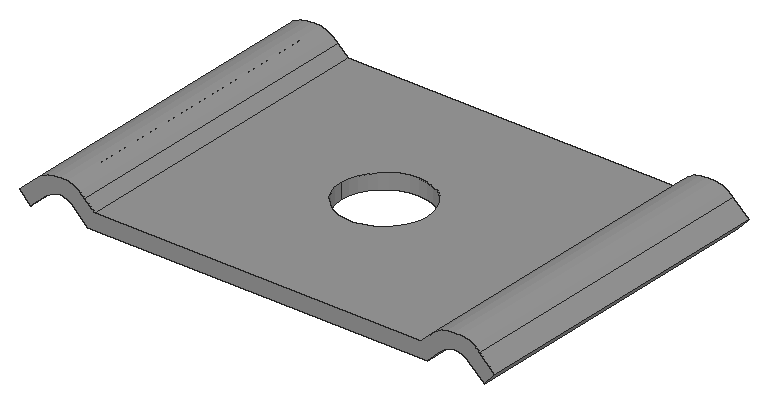
Revit family "Mittenabhängung GKS 50 07 FS, GKS 50 07 FS SP,GKS 50 11 FS, GKS 50 07 FT, GKS 50 11 FT", category Generic Models, Revit 2017
Family settings
  Can host rebar = No
  Round Connector Dimension = Use Diameter
  Part Type = Normal
  Work Plane-Based = No
  Always vertical = Yes
  Cut with Voids When Loaded = No
  Shared = No
  Room Calculation Point = No
Parameters (values of type "GKS 50 11 A4")
  Width/2 = Width / 2  # 30 mm
  Width 1 = 40 mm
  Width = 60 mm
  URL = "http://www.obo-bettermann.com"
  Type Image = <None>
  Material = Stainless steel, A4
  Manufacturer Art.No. = "6015280"
  Manufacturer = "OBO Bettermann"
  GTIN = "4012196937394"
  Diameter = 11 mm
  Article Type = "GKS 50 11 A4"
Types (7, lengths in mm): name | Material | Manufacturer Art.No. | GTIN | Diameter | Article Type
  (no name) | Stainless steel, A4 | "6015280" | "4012196937394" | 11 | "GKS 50 11 A4"
  GKS 50 07 FS | Strip-galvanised | "6015263" | "4012196421398" | 7 | "GKS 50 07 FS"
  GKS 50 07 FS SP | Strip-galvanised | "6015290" | "4012196661930" | 7 | "GKS 50 07 FS SP"
  GKS 50 11 FS | Strip-galvanised | "6015276" | "4012196965847" | 11 | "GKS 50 11 FS"
  GKS 50 07 FT | Hot-dip galvanised | "6015271" | "4012196785353" | 7 | "GKS 50 07 FT"
  GKS 50 11 FT | Hot-dip galvanised | "6015278" | "4012196965908" | 11 | "GKS 50 11 FT"
  GKS 50 11 A4 | Stainless steel, A4 | "6015280" | "4012196937394" | 11 | "GKS 50 11 A4"
Reference planes
  plane 1 "Center (Front/Back)": y = 0
  plane 2: z = 0
  plane 3 "Center (Left/Right)": x = 0
  plane 4: y = 40
  plane 5: y = 20
  plane 6: z = 4
Forms (mm)
  Extrusion 1, solid, material "Stainless steel, A4" <- "Material"
    sketch origin (0, 0, 0) x (1, 0, 0) y (0, 0, 1)
      loop
        line (-21.464, 4) -> (21.464, 4) -> (23.209, 5.745)
        arc (23.209, 5.745) -> (24.956, 6.486) -> (26.727, 5.807) r 2.532
        line (26.727, 5.807) -> (28.664, 4) -> (30.028, 5.463) -> (28.091, 7.269)
        arc (28.091, 7.269) -> (24.921, 8.486) -> (21.795, 7.159) r 4.532
        line (21.795, 7.159) -> (20.636, 6) -> (-20.636, 6) -> (-21.818, 7.182)
        arc (-21.818, 7.182) -> (-24.921, 8.499) -> (-28.069, 7.291) r 4.5
        line (-28.069, 7.291) -> (-30.03, 5.463) -> (-28.666, 4) -> (-26.705, 5.828)
        arc (-26.705, 5.828) -> (-24.956, 6.5) -> (-23.232, 5.768) r 2.5
        line (-23.232, 5.768) -> (-21.464, 4)
    from 0 to -40
  Extrusion 2, void
    sketch origin (0, 0, 0) x (1, 0, 0) y (0, 1, 0)
      loop
        circle (0, 20) r 5.5
    from 4 to 6
Cuts and joins
  Extrusion 2 cuts Extrusion 1
Dimensions and locks
  locked: Extrusion 1 sketch curve to Extrusion 1 sketch curve at 2.487
  locked: Extrusion 1 sketch curve to plane 3 "Center (Left/Right)" at 25
  locked: Extrusion 1 sketch curve to plane 6 at 2.5
  locked: plane 3 "Center (Left/Right)" to Extrusion 1 sketch curve at 25
  locked: Extrusion 1 sketch curve to Extrusion 1 sketch curve at 2  (x5)
  Extrusion 1 sketch curve to Extrusion 1 sketch curve = 2 mm
  locked: plane 3 "Center (Left/Right)" to Extrusion 2 sketch curve
  locked: Extrusion 2 sketch curve to plane 5 at 0
  radius of Extrusion 1 sketch curve = 2.5 mm
  radius of Extrusion 1 sketch curve = 2.532 mm
  "Diameter": diameter of Extrusion 2 sketch curve
  locked: Extrusion 1 sketch curve to Extrusion 1 sketch curve (angle 92.00°)
  locked: Extrusion 1 sketch curve to plane 6 (angle 45.00°)
  aligned and locked: level to plane 2
  aligned and locked: Extrusion 1 sketch curve to plane 6  (x2)
  aligned and locked: plane 6 to Extrusion 1 sketch curve
  aligned and locked: Extrusion 1 to plane 4
  aligned and locked: plane 1 "Center (Front/Back)" to Extrusion 1
  aligned and locked: cut or joined group of Extrusion 1, Extrusion 2 to Extrusion 2
  aligned and locked: Extrusion 2 to plane 6
Automatic sketch dimensions
  Extrusion 1 sketch curve to Extrusion 1 sketch curve = 0 mm  (x2)
  Extrusion 1 sketch curve to Extrusion 1 sketch curve = 0.828 mm
  Extrusion 1 sketch curve to Extrusion 1 sketch curve = 1.364 mm
